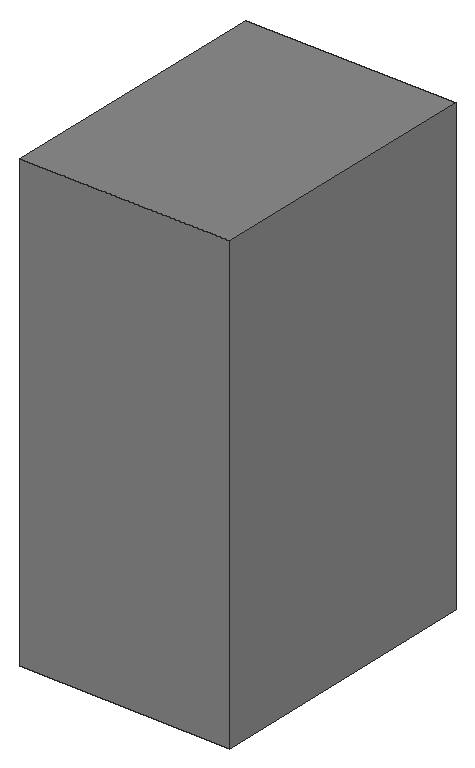
Revit family
Parameters (values of type "540 x 725 x 1170mm")
  Keynote = "T"
  Depth = 725.00 mm
  Material = Metal - Paint Finish - Dark Gray, Matte
  Height = 1170.00 mm
  Width = 540.00 mm
Reference planes
  plane 1 "Center (Front/Back)": y = 0
  plane 2: z = 0
  plane 3 "Center (Left/Right)": x = 0
  plane 4: x = -270
  plane 5: y = 362.5
  plane 6: x = 270
  plane 7: y = -362.5
  plane 8: z = 1170
  plane 9: through (0.144, 0, 0) normal (1, 0, 0.0001)
  plane 10: z = 959.711
  plane 11: z = 694.353
  plane 12: z = 846.753
  plane 13: x = -215.942
  plane 14: x = 12.783
  plane 15: x = -12.617
  plane 16: z = 554.653
  plane 17: z = 681.653
  plane 18: z = 1099.411
  plane 19: x = -241.342
  plane 20: x = 241.508
  plane 21: x = 216.108
  plane 22: z = 972.411
  plane 23: z = 834.053
  plane 24: z = 707.053
  plane 25: z = 541.953
  plane 26: z = 1112.111
  plane 27: z = 516.298
Forms (mm)
  Extrusion 1, solid, material "Metal - Paint Finish - Dark Gray, Matte" <- "Material"
    sketch origin (0, 0, 0) x (1, 0, 0) y (0, 1, 0)
      loop
        line (-270, -362.5) -> (270, -362.5) -> (270, 362.5) -> (-270, 362.5) -> (-270, -362.5)
    from 0 to 1170
Lines and regions (mm)
  symbolic lines
    curve 1: line (-270, -362.5, 0) -> (270, -362.5, 0)
    curve 2: line (-270, 362.5, 0) -> (-270, -362.5, 0)
    curve 3: line (270, 362.5, 0) -> (-270, 362.5, 0)
    curve 4: line (270, -362.5, 0) -> (270, 362.5, 0)
  model lines
    curve 5: line (-241.342, -362.5, 32.098) -> (241.508, -362.5, 32.098)
    curve 6: line (-241.342, -362.5, 516.298) -> (-241.342, -362.5, 32.098)
    curve 7: line (241.508, -362.5, 516.298) -> (-241.342, -362.5, 516.298)
    curve 8: line (241.508, -362.5, 32.098) -> (241.508, -362.5, 516.298)
    curve 9: line (-241.342, -362.5, 541.953) -> (241.508, -362.5, 541.953)
    curve 10: line (-241.342, -362.5, 1112.111) -> (-241.342, -362.5, 541.953)
    curve 11: line (241.508, -362.5, 1112.111) -> (-241.342, -362.5, 1112.111)
    curve 12: line (241.508, -362.5, 541.953) -> (241.508, -362.5, 1112.111)
    curve 13: line (-215.942, -362.5, 554.653) -> (-12.617, -362.5, 554.653)
    curve 14: line (-215.942, -362.5, 681.653) -> (-215.942, -362.5, 554.653)
    curve 15: line (-12.617, -362.5, 681.653) -> (-215.942, -362.5, 681.653)
    curve 16: line (-12.617, -362.5, 554.653) -> (-12.617, -362.5, 681.653)
    curve 17: line (12.783, -362.5, 554.653) -> (216.108, -362.5, 554.653)
    curve 18: line (12.783, -362.5, 681.653) -> (12.783, -362.5, 554.653)
    curve 19: line (216.108, -362.5, 681.653) -> (12.783, -362.5, 681.653)
    curve 20: line (216.108, -362.5, 554.653) -> (216.108, -362.5, 681.653)
    curve 21: line (-215.942, -362.5, 707.053) -> (-12.617, -362.5, 707.053)
    curve 22: line (-215.942, -362.5, 834.053) -> (-215.942, -362.5, 707.053)
    curve 23: line (-12.617, -362.5, 834.053) -> (-215.942, -362.5, 834.053)
    curve 24: line (-12.617, -362.5, 707.053) -> (-12.617, -362.5, 834.053)
    curve 25: line (12.783, -362.5, 707.053) -> (216.108, -362.5, 707.053)
    curve 26: line (12.783, -362.5, 834.053) -> (12.783, -362.5, 707.053)
    curve 27: line (216.108, -362.5, 834.053) -> (12.783, -362.5, 834.053)
    curve 28: line (216.108, -362.5, 707.053) -> (216.108, -362.5, 834.053)
    curve 29: line (-215.942, -362.5, 1099.411) -> (-215.942, -362.5, 616.811)
    curve 30: line (-12.617, -362.5, 1099.411) -> (-215.942, -362.5, 1099.411)
    curve 31: line (-12.617, -362.5, 972.411) -> (-12.617, -362.5, 1099.411)
    curve 32: line (12.783, -362.5, 1099.411) -> (12.783, -362.5, 972.411)
    curve 33: line (216.108, -362.5, 1099.411) -> (12.783, -362.5, 1099.411)
    curve 34: line (216.108, -362.5, 627.224) -> (216.108, -362.5, 1099.411)
    curve 35: line (-215.942, -362.5, 1081.268) -> (-12.617, -362.5, 1081.268)
    curve 36: line (-215.942, -362.5, 1063.125) -> (-12.617, -362.5, 1063.125)
    curve 37: line (-215.942, -362.5, 1044.982) -> (-12.617, -362.5, 1044.982)
    curve 38: line (-215.942, -362.5, 1026.839) -> (-12.617, -362.5, 1026.839)
    curve 39: line (-215.942, -362.5, 1008.696) -> (-12.617, -362.5, 1008.696)
    curve 40: line (-215.942, -362.5, 990.553) -> (-12.617, -362.5, 990.553)
    curve 41: line (-215.942, -362.5, 815.91) -> (-12.617, -362.5, 815.91)
    curve 42: line (-215.942, -362.5, 797.767) -> (-12.617, -362.5, 797.767)
    curve 43: line (-215.942, -362.5, 779.624) -> (-12.617, -362.5, 779.624)
    curve 44: line (-215.942, -362.5, 761.481) -> (-12.617, -362.5, 761.481)
    curve 45: line (-215.942, -362.5, 743.338) -> (-12.617, -362.5, 743.338)
    curve 46: line (-215.942, -362.5, 725.196) -> (-12.617, -362.5, 725.196)
    curve 47: line (-215.942, -362.5, 663.51) -> (-12.617, -362.5, 663.51)
    curve 48: line (-215.942, -362.5, 645.367) -> (-12.617, -362.5, 645.367)
    curve 49: line (-215.942, -362.5, 627.224) -> (-12.617, -362.5, 627.224)
    curve 50: line (-215.942, -362.5, 609.081) -> (-12.617, -362.5, 609.081)
    curve 51: line (-215.942, -362.5, 590.938) -> (-12.617, -362.5, 590.938)
    curve 52: line (-215.942, -362.5, 572.796) -> (-12.617, -362.5, 572.796)
    curve 53: line (-215.942, -362.5, 846.753) -> (216.108, -362.5, 846.753)
    curve 54: line (-215.942, -362.5, 959.711) -> (-215.942, -362.5, 846.753)
    curve 55: line (216.108, -362.5, 959.711) -> (-215.942, -362.5, 959.711)
    curve 56: line (216.108, -362.5, 846.753) -> (216.108, -362.5, 959.711)
    curve 57: line (-215.942, -362.5, 972.411) -> (-12.617, -362.5, 972.411)
    curve 58: line (12.783, -362.5, 972.411) -> (216.108, -362.5, 972.411)
    curve 59: line (216.108, -362.5, 1081.268) -> (12.783, -362.5, 1081.268)
    curve 60: line (12.783, -362.5, 1063.125) -> (216.108, -362.5, 1063.125)
    curve 61: line (12.783, -362.5, 1044.982) -> (216.108, -362.5, 1044.982)
    curve 62: line (12.783, -362.5, 1026.839) -> (216.108, -362.5, 1026.839)
    curve 63: line (12.783, -362.5, 990.553) -> (216.108, -362.5, 990.553)
    curve 64: line (12.783, -362.5, 1008.696) -> (216.108, -362.5, 1008.696)
    curve 65: line (12.783, -362.5, 815.91) -> (216.108, -362.5, 815.91)
    curve 66: line (12.783, -362.5, 797.767) -> (216.108, -362.5, 797.767)
    curve 67: line (12.783, -362.5, 779.624) -> (216.108, -362.5, 779.624)
    curve 68: line (12.783, -362.5, 761.481) -> (216.108, -362.5, 761.481)
    curve 69: line (12.783, -362.5, 743.338) -> (216.108, -362.5, 743.338)
    curve 70: line (12.783, -362.5, 725.196) -> (216.108, -362.5, 725.196)
    curve 71: line (12.783, -362.5, 663.51) -> (216.108, -362.5, 663.51)
    curve 72: line (12.783, -362.5, 645.367) -> (216.108, -362.5, 645.367)
    curve 73: line (12.783, -362.5, 627.224) -> (216.108, -362.5, 627.224)
    curve 74: line (12.783, -362.5, 590.938) -> (216.108, -362.5, 590.938)
    curve 75: line (12.783, -362.5, 572.796) -> (216.108, -362.5, 572.796)
    curve 76: line (12.783, -362.5, 609.081) -> (216.108, -362.5, 609.081)
Dimensions and locks
  equal spacing: plane 4, plane 3 "Center (Left/Right)", plane 6
  equal spacing: plane 7, plane 1 "Center (Front/Back)", plane 5
  "Depth": plane 7 to plane 5
  "Height": plane 8 to plane 2
  curve 5 to plane 2 = 32.098 mm
  "Width": plane 4 to plane 6
  plane 14 to plane 15 = 25.40 mm
  locked: plane 19 to plane 4 at 28.658
  locked: plane 13 to plane 19 at 25.4
  locked: plane 20 to plane 21 at 25.4
  locked: plane 6 to plane 20 at 28.492
  plane 18 to plane 22 = 127.00 mm
  plane 10 to plane 12 = 112.958 mm
  plane 23 to plane 24 = 127.00 mm
  plane 17 to plane 16 = 127.00 mm
  plane 22 to plane 10 = 12.70 mm
  plane 26 to plane 18 = 12.70 mm
  plane 12 to plane 23 = 12.70 mm
  plane 16 to plane 25 = 12.70 mm
  plane 24 to plane 11 to plane 17 = 12.70 mm, 12.70 mm
  plane 8 to plane 26 = 57.889 mm
  plane 25 to plane 27 = 25.655 mm
  equal spacing: plane 18, curve 35, curve 36, curve 37, curve 38, curve 39, curve 40, plane 22
  equal spacing: plane 23, curve 41, curve 42, curve 43, curve 44, curve 45, curve 46, plane 24
  equal spacing: plane 17, curve 47, curve 48, curve 49, curve 50, curve 51, curve 52, plane 16
  aligned and locked: plane 7 to curve 1
  aligned and locked: plane 5 to curve 4
  aligned and locked: Extrusion 1 sketch curve to curve 1
  aligned and locked: Extrusion 1 sketch curve to curve 3
  aligned and locked: Extrusion 1 sketch curve to plane 4
  aligned and locked: plane 6 to Extrusion 1 sketch curve
  aligned and locked: plane 21 to curve 56
  aligned and locked: curve 34 to curve 53
  aligned and locked: curve 20 to curve 25
  aligned and locked: Extrusion 1 to plane 8
  aligned and locked: curve 27 to plane 23
  aligned and locked: curve 26 to curve 23
  aligned and locked: plane 22 to curve 57
  aligned and locked: plane 22 to curve 58
  aligned and locked: curve 59 to curve 35
  aligned and locked: curve 36 to curve 60
  aligned and locked: curve 37 to curve 61
  aligned and locked: curve 38 to curve 62
  aligned and locked: curve 40 to curve 63
  aligned and locked: curve 39 to curve 64
  aligned and locked: curve 41 to curve 65
  aligned and locked: curve 42 to curve 66
  aligned and locked: curve 43 to curve 67
  aligned and locked: curve 44 to curve 68
  aligned and locked: curve 45 to curve 69
  aligned and locked: curve 46 to curve 70
  aligned and locked: curve 47 to curve 71
  aligned and locked: curve 48 to curve 72
  aligned and locked: curve 49 to curve 73
  aligned and locked: curve 51 to curve 74
  aligned and locked: curve 52 to curve 75
  aligned and locked: curve 50 to curve 76
Automatic sketch dimensions
  curve 3 to plane 4 = 0.00 mm
  curve 3 to plane 6 = 0.00 mm
  curve 12 to plane 20 = 0.00 mm
  curve 12 to plane 26 = 0.00 mm
  curve 33 to plane 14 = 0.00 mm
  curve 33 to plane 18 = 0.00 mm
  curve 31 to plane 15 = 0.00 mm
  curve 31 to plane 18 = 0.00 mm
  curve 54 to plane 10 = 0.00 mm
  curve 53 to plane 12 = 0.00 mm
  curve 21 to plane 13 = 0.00 mm
  curve 21 to plane 24 = 0.00 mm
  curve 26 to plane 14 = 0.00 mm
  curve 26 to plane 24 = 0.00 mm
  curve 19 to plane 14 = 0.00 mm
  curve 19 to plane 17 = 0.00 mm
  curve 15 to plane 13 = 0.00 mm
  curve 15 to plane 17 = 0.00 mm
  curve 29 to plane 13 = 0.00 mm
  curve 76 to plane 21 = 0.00 mm
  curve 13 to plane 15 = 0.00 mm
  curve 13 to plane 16 = 0.00 mm
  curve 17 to plane 16 = 0.00 mm
  curve 10 to plane 19 = 0.00 mm
  curve 10 to plane 25 = 0.00 mm
  curve 7 to plane 20 = 0.00 mm
  curve 7 to plane 27 = 0.00 mm
  curve 7 to plane 19 = 0.00 mm
  curve 55 to plane 13 = 0.00 mm
  curve 24 to plane 15 = 0.00 mm
  curve 29 to curve 50 = 7.729 mm
